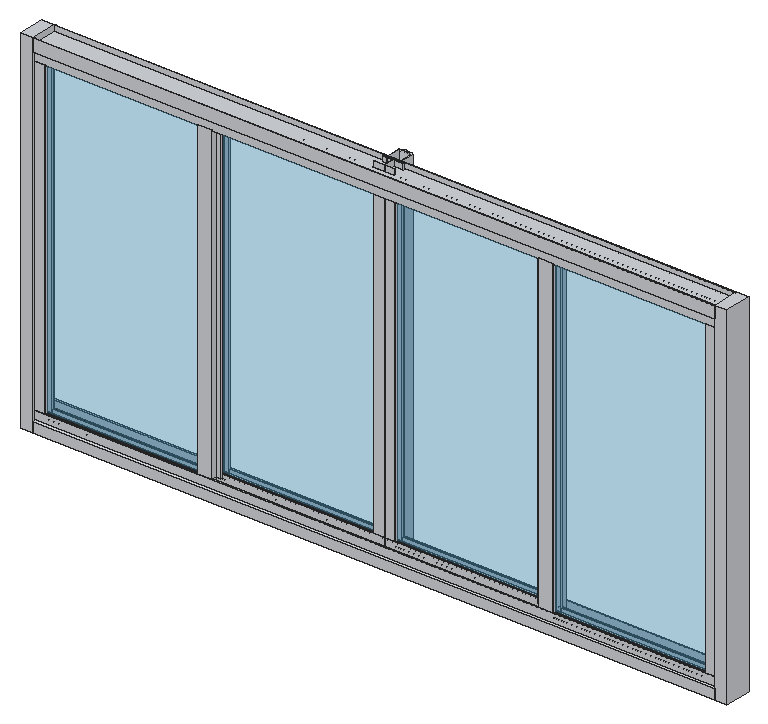
Revit family "MT-VMS_DB-SG_OXXO", category Windows, host Wall, Revit 2017 (continued)
Definition of nested family "VMS_DB-SG_OXXO_101mm"
  Forms (mm)
    Sweep 6, solid, material <- "Sash Material"
      profile "VMS_VM9_INTERLOCK : VMS_VM9_INTERLOCK" origin (-477.5, -66.6, 499.5) x (-1, 0, 0) y (0, 1, 0)
        loop
          line (19.712, -13.356) -> (-18.2, -13.356) -> (-18.2, 13.544) -> (19.712, 13.544) -> (19.712, 15.044) -> (-18.2, 15.044) -> (-18.2, 18.379) -> (-8.692, 19.257) -> (-8.692, 20.102) -> (-20, 20.102) -> (-20, -0.056) -> (-35, -0.056) -> (-35, -1.556) -> (-20, -1.556) -> (-20, -16.856) -> (19.712, -16.856) -> (19.712, -13.356)
    Sweep 7, solid, material <- "Sash Material"
      path origin (-870.249, -66.6, 1200) x (-1, 0, 0) y (0, 0, 1)
        loop
          line (-1347.749, -268) -> (-1347.749, -1133)
      profile "VMS_VM9_INTERLOCK : VMS_VM9_INTERLOCK" origin (477.5, -66.6, 499.5) x (-1, 0, 0) y (0, 1, 0)
        loop
          line (-19.712, -13.356) -> (-19.712, -16.856) -> (20, -16.856) -> (20, -1.556) -> (35, -1.556) -> (35, -0.056) -> (20, -0.056) -> (20, 20.102) -> (8.692, 20.102) -> (8.692, 19.257) -> (18.2, 18.379) -> (18.2, 15.044) -> (-19.712, 15.044) -> (-19.712, 13.544) -> (18.2, 13.544) -> (18.2, -13.356) -> (-19.712, -13.356)
    Sweep 8, solid, material <- "Sash Material"
      path origin (-884.391, -35, 1200) x (-1, 0, 0) y (0, 0, 1)
        loop
          line (-884.391, -200) -> (-884.391, -1200)
      profile "VMS_VM88_MIDDLE : VMS_VM88_MIDDLE" origin (0, -35, 500) x (-1, 0, 0) y (0, 1, 0)
        loop
          line (-19.856, 61.45) -> (-19.856, 16.45) -> (-28.913, 16.45) -> (-28.913, 14.95) -> (-1.001, 14.95) -> (-1.001, -14.95) -> (-28.913, -14.95) -> (-28.913, -16.478) -> (28.913, -16.478) -> (28.913, -14.95) -> (0.999, -14.95) -> (0.999, 14.95) -> (28.913, 14.95) -> (28.913, 16.45) -> (19.856, 16.45) -> (19.856, 61.45)
          arc (19.856, 61.45) -> (0, 66.75) -> (-19.856, 61.45) r 39.844
        loop
          line (-18.056, 56.707) -> (-18.056, 16.45) -> (18.056, 16.45) -> (18.056, 56.707)
          arc (18.056, 56.707) -> (0, 61.75) -> (-18.056, 56.707) r 34.844
  Lines and regions (mm)
    Masking region 1, detail levels coarse
      outline origin (0, 0, 0) x (1, 0, 0) y (0, 1, 0)
        loop
          line (-1000, 0) -> (-1000, -101.6) -> (-955, -101.6) -> (-955, 0) -> (-1000, 0)
        loop
          line (955, 0) -> (955, -101.6) -> (1000, -101.6) -> (1000, 0) -> (955, 0)
    Masking region 2, detail levels coarse
      outline origin (0, 0, 0) x (0, 1, 0) y (0, 0, 1)
        loop
          line (-101.6, 950) -> (0, 950) -> (0, 1000) -> (-101.6, 1000) -> (-101.6, 950)
        loop
          line (-101.6, 56) -> (-101.6, 0) -> (0, 0) -> (0, 56) -> (-101.6, 56)
    symbolic lines
      curve 1: line (-955, 0, 0) -> (955, 0, 0)
      curve 2: line (-955, -101.6, 0) -> (955, -101.6, 0)
  Dimensions and locks
    equal spacing: plane 5, plane 3 "Center (Left/Right)", plane 6
    "FRAME THICKNESS": plane 4 to plane 1 "Center (Front/Back)"
    "FRAME WIDTH": plane 5 to plane 7
    "FRAME WIDTH": plane 8 to plane 6
    "WIDTH": plane 5 to plane 6
    "HEIGHT": plane 9 to plane 2
    locked: plane 9 to plane 11 at 50
    locked: plane 10 to plane 2 at 56
    locked: plane 13 to plane 1 "Center (Front/Back)" at 35
    locked: plane 12 to plane 4 at 35
    "HAFT PANEL WIDTH": plane 7 to plane 14
    "HAFT PANEL WIDTH": plane 15 to plane 8
    "HAFT PANEL WIDTH": plane 16 to plane 3 "Center (Left/Right)"
    "HAFT PANEL WIDTH": plane 3 "Center (Left/Right)" to plane 17
    equal spacing: plane 14, plane 18, plane 16
    equal spacing: plane 17, plane 19, plane 15
    aligned and locked: level to plane 2
    aligned and locked: plane 1 "Center (Front/Back)" to Extrusion 1 sketch curve  (x2)
    aligned and locked: plane 5 to Extrusion 1 sketch curve
    aligned and locked: plane 4 to Extrusion 1 sketch curve  (x2)
    aligned and locked: Extrusion 1 sketch curve to plane 7
    aligned and locked: plane 8 to Extrusion 1 sketch curve
    aligned and locked: Extrusion 1 sketch curve to plane 6
    aligned and locked: plane 9 to Extrusion 1
    aligned and locked: Extrusion 1 to level
    aligned and locked: plane 9 to Sweep 2 sketch curve
    aligned and locked: plane 8 to Sweep 2 sketch curve
    aligned and locked: plane 7 to Sweep 2 sketch curve
    aligned and locked: plane 2 to Sweep 3 sketch curve
    aligned and locked: plane 8 to Sweep 3 sketch curve
    aligned and locked: plane 7 to Sweep 3 sketch curve
    aligned and locked: Sweep 4 sketch curve to plane 7
    aligned and locked: Sweep 4 sketch curve to Sweep 2
    aligned and locked: Sweep 3 to Sweep 4 sketch curve
    aligned and locked: Sweep 5 sketch curve to plane 8
    aligned and locked: Sweep 2 to Sweep 5 sketch curve
    aligned and locked: Sweep 5 sketch curve to Sweep 3
    aligned and locked: plane 15 to nested 1
    aligned and locked: nested 1 to plane 10
    aligned and locked: plane 14 to nested 2
    aligned and locked: plane 12 to nested 2
    aligned and locked: nested 2 to plane 10
    aligned and locked: nested 3 to plane 7
    aligned and locked: Sweep 4 to nested 3
    aligned and locked: Sweep 2 to Sweep 6 sketch curve
    aligned and locked: Sweep 3 to Sweep 6 sketch curve
    aligned and locked: plane 7 to curve 1
    aligned and locked: plane 8 to curve 1
    aligned and locked: plane 8 to curve 2
    aligned and locked: plane 7 to curve 2
    aligned and locked: plane 1 "Center (Front/Back)" to curve 1
    aligned and locked: curve 2 to plane 4
    aligned and locked: Masking region 1 sketch curve to Extrusion 1  (x4)
    aligned and locked: Masking region 1 sketch curve to Sweep 3  (x2)
    aligned and locked: Sweep 3 to Masking region 1 sketch curve
    aligned and locked: plane 1 "Center (Front/Back)" to nested 4
    aligned and locked: nested 4 to plane 7
    aligned and locked: plane 8 to nested 5
    aligned and locked: plane 1 "Center (Front/Back)" to nested 5
    aligned and locked: plane 7 to nested 6
    aligned and locked: plane 1 "Center (Front/Back)" to nested 6
    aligned and locked: nested 7 to plane 8
    aligned and locked: Masking region 2 sketch curve to plane 11
    aligned and locked: Masking region 2 sketch curve to plane 4
    aligned and locked: Masking region 2 sketch curve to Extrusion 1
    aligned and locked: Extrusion 1 to Masking region 2 sketch curve  (x2)
    aligned and locked: Masking region 2 sketch curve to nested 1
    aligned and locked: Masking region 2 sketch curve to Sweep 3  (x2)
    aligned and locked: nested 8 to plane 9
    aligned and locked: plane 4 to nested 8
    aligned and locked: nested 9 to level
    aligned and locked: plane 4 to Masking region 1 sketch curve
    aligned and locked: plane 7 to Extrusion 1
    aligned and locked: plane 8 to nested 7
    aligned and locked: plane 1 "Center (Front/Back)" to nested 7
    aligned and locked: plane 9 to nested 10
    aligned and locked: plane 4 to nested 10
    aligned and locked: nested 11 to plane 1 "Center (Front/Back)"
    aligned and locked: level to nested 11
    aligned and locked: plane 1 "Center (Front/Back)" to nested 9
    aligned and locked: plane 16 to nested 12
    aligned and locked: nested 12 to plane 13
    aligned and locked: plane 17 to nested 13
    aligned and locked: plane 13 to nested 13
    aligned and locked: nested 1 to plane 12
    aligned and locked: Sweep 6 sketch curve to plane 18
    aligned and locked: plane 19 to Sweep 7 sketch curve
    aligned and locked: Sweep 2 to Sweep 7 sketch curve
    aligned and locked: Sweep 3 to Sweep 7 sketch curve
    aligned and locked: plane 3 "Center (Left/Right)" to Sweep 8 sketch curve
    aligned and locked: Sweep 2 to Sweep 8 sketch curve
    aligned and locked: plane 10 to nested 12
    aligned and locked: nested 13 to plane 10
  Automatic sketch dimensions
    Sweep 8 sketch curve to level = 0 mm
  Nested families
    nested 1: "VMS_DB-SG_GLAZED PANEL" at (711.7, -66.6, 56), Sash Material <- "FRAME MATERIAL", type "VMS_DB-SG_GLAZED PANEL"
      with OPEN no
    nested 2: "VMS_DB-SG_GLAZED PANEL" at (-711.7, -66.6, 56) x (-1, 0, 0) z (0, 0, 1), Sash Material <- "FRAME MATERIAL", type "VMS_DB-SG_GLAZED PANEL"
      with OPEN no
    nested 3: "VMS_VM11_SILL DETAIL_FINE" at (-955, -50, 0) x (0, -1, 0) z (0, 0, 1), type "VMS_VM11_SILL DETAIL_FINE", detail levels fine
    nested 4: "MAIN FRAME 101.6MM_MEDIUM" at (-1000, 0, 0), type "MAIN FRAME 101.6MM_MEDIUM", detail levels medium
    nested 5: "MAIN FRAME 101.6MM_MEDIUM" at (1000, -101.6, 0) x (-1, 0, 0) z (0, 0, 1), type "MAIN FRAME 101.6MM_MEDIUM", detail levels medium
    nested 6: "AS1C CAVITY MAIN FRAME" at (-955, 0, 0), type "AS1C CAVITY MAIN FRAME", detail levels fine
    nested 7: "AS1C CAVITY MAIN FRAME" at (955, -101.6, 0) x (-1, 0, 0) z (0, 0, 1), type "AS1C CAVITY MAIN FRAME", detail levels fine
    nested 8: "VMS_VM8_HEAD DETAIL_FINE" at (0, -101.6, 1000) x (0, 1, 0) z (1, 0, 0), type "VMS_VM8_HEAD DETAIL_FINE", detail levels fine
    nested 9: "VMS_VM10_BOT DETAIL_FINE" at (0, -101.3, 0) x (0, 1, 0) z (1, 0, 0), type "VMS_VM10_BOT DETAIL_FINE", detail levels fine
    nested 10: "VMS_VM8_HEAD DETAIL_MEDIUM" at (0, 0, 1000) x (0, -1, 0) z (1, 0, 0), type "VMS_VM8_HEAD DETAIL_MEDIUM", detail levels medium
    nested 11: "VMS_VM10_BOT DETAIL_MEDIUM" at (0, 0, 0) x (0, -1, 0) z (1, 0, 0), type "VMS_VM10_BOT DETAIL_MEDIUM", detail levels medium
    nested 12: "VMS_DB-SG_GLAZED PANEL" at (-243.3, -35, 56), Sash Material <- "FRAME MATERIAL", type "VMS_DB-SG_GLAZED PANEL"
      with OPEN yes
    nested 13: "VMS_DB-SG_GLAZED PANEL" at (243.3, -35, 56) x (-1, 0, 0) z (0, 0, 1), Sash Material <- "FRAME MATERIAL", type "VMS_DB-SG_GLAZED PANEL"
      with OPEN yes
  Definition of nested family "VMS_DB-SG_GLAZED PANEL"
    Parameters (values of type "VMS_DB-SG_GLAZED PANEL")
      YEAR = "2018"  # constant formula
      VERSION = "2.0"  # constant formula
      TODAYS DATE = "22/11/2018"  # constant formula
      Sash Material [instance] = none
      SINGLE GLAZED THICKNESS = 5 mm
      SINGLE GLAZED = not(DOUBLE GLAZED)  # no
      PANEL WIDTH = 483 mm
      PANEL HEIGHT = 894 mm
      OPEN [instance] = yes
      GLAZED WIDTH [instance] = 447 mm
      GLAZED RAIL MATERIAL = none
      GLAZED MATERIAL = none
      DOUBLE GLAZED THICKNESS = 15 mm
      DOUBLE GLAZED = yes
      CREATOR = "Scott Isouard"  # constant formula
      COMPANY = "Archvis"  # constant formula
      Analytic Construction = "<None>"
      ANZRC COMPLIANT = "Yes"  # constant formula
      AIR POCKET = DOUBLE GLAZED THICKNESS - 10 mm  # 5 mm
    Reference planes
      plane 1 "Center (Front/Back)": y = 0
      plane 2: z = 0
      plane 3 "Center (Left/Right)": x = 0
      plane 4: x = -241.5
      plane 5: x = 241.5
      plane 6: x = -223.5
      plane 7: x = 223.5
      plane 8: z = 894
      plane 9: z = 874
      plane 10: z = 20
      plane 11: z = 447
      plane 12: x = -213.586
      plane 13: x = 213.5
      plane 14: z = 10
      plane 15: z = 884
    Forms (mm)
      Extrusion 1, solid, material <- "GLAZED MATERIAL", visible <- "SINGLE GLAZED"
        sketch origin (0, 0, 0) x (1, 0, 0) y (0, 1, 0)
          loop
            line (-223.5, 2.5) -> (-223.5, -2.5) -> (223.5, -2.5) -> (223.5, 2.5) -> (-223.5, 2.5)
        from 10 to 884
      Extrusion 2, solid, material <- "GLAZED MATERIAL", visible <- "DOUBLE GLAZED"
        sketch origin (0, 0, 0) x (1, 0, 0) y (0, 1, 0)
          loop
            line (-223.5, 7.5) -> (-223.5, 2.5) -> (223.5, 2.5) -> (223.5, 7.5) -> (-223.5, 7.5)
          loop
            line (-223.5, -2.5) -> (-223.5, -7.5) -> (223.5, -7.5) -> (223.5, -2.5) -> (-223.5, -2.5)
        from 10 to 884
      Sweep 3, solid, material <- "Sash Material"
        path origin (0, 0, 0) x (1, 0, 0) y (0, 0, 1)
          loop
            line (-241.5, 894) -> (-241.5, 0)
        profile "VM__PROFILE_SACH SILL : VM__PROFILE_SACH SILL" origin (-241.5, 0, 447) x (1, 0, 0) y (0, -1, 0)
          loop
            line (0, 13.45) -> (0, -13.45) -> (28, -13.45) -> (28, -9.95) -> (10, -9.95) -> (10, 9.95) -> (28, 9.95) -> (28, 13.45) -> (0, 13.45)
      Sweep 4, solid, material <- "Sash Material"
        path origin (0, 0, 0) x (1, 0, 0) y (0, 0, 1)
          loop
            line (241.5, 894) -> (241.5, 0)
        profile "VM__PROFILE_SACH SILL : VM__PROFILE_SACH SILL" origin (241.5, 0, 447) x (1, 0, 0) y (0, -1, 0)
          loop
            line (0, 13.45) -> (-28, 13.45) -> (-28, 9.95) -> (-10, 9.95) -> (-10, -9.95) -> (-28, -9.95) -> (-28, -13.45) -> (0, -13.45) -> (0, 13.45)
      Sweep 5, solid, material <- "Sash Material"
        path origin (0, 0, 0) x (1, 0, 0) y (0, 0, 1)
          loop
            line (-213.586, 894) -> (213.5, 894)
        profile "VM__PROFILE_GLAZED RAIL : VM__PROFILE_GLAZED RAIL" origin (-0.043, 0, 894) x (0, 0, 1) y (0, -1, 0)
          loop
            line (-5.417, -13.45) -> (0, -8.033) -> (0, 8.033) -> (-5.417, 13.45) -> (-19.826, 13.45) -> (-19.826, 9.95) -> (-10, 9.95) -> (-10, -9.95) -> (-19.826, -9.95) -> (-19.826, -13.45) -> (-5.417, -13.45)
      Sweep 6, solid, material <- "Sash Material"
        path origin (0, 0, 0) x (1, 0, 0) y (0, 0, 1)
          loop
            line (213.5, 0) -> (-213.586, 0)
        profile "VM__PROFILE_GLAZED RAIL : VM__PROFILE_GLAZED RAIL" origin (-0.043, 0, 0) x (0, 0, -1) y (0, -1, 0)
          loop
            line (-5.417, -13.45) -> (0, -8.033) -> (0, 8.033) -> (-5.417, 13.45) -> (-19.826, 13.45) -> (-19.826, 9.95) -> (-10, 9.95) -> (-10, -9.95) -> (-19.826, -9.95) -> (-19.826, -13.45) -> (-5.417, -13.45)
    Lines and regions (mm)
      Masking region 1, detail levels coarse
        outline origin (0, 0, 0) x (1, 0, 0) y (0, 1, 0)
          loop
            line (-213.586, 13.45) -> (-241.5, 13.45) -> (-241.5, -13.45) -> (-213.586, -13.45) -> (-213.586, 13.45)
          loop
            line (213.5, 13.45) -> (213.5, -13.45) -> (241.5, -13.45) -> (241.5, 13.45) -> (213.5, 13.45)
      Masking region 2, detail levels coarse
        outline origin (0, 0, 0) x (0, 1, 0) y (0, 0, 1)
          loop
            line (13.45, 894) -> (-13.45, 894) -> (-13.45, 874.174) -> (13.45, 874.174) -> (13.45, 894)
          loop
            line (13.45, 20) -> (-13.45, 20) -> (-13.45, 0) -> (13.45, 0) -> (13.45, 20)
      model lines, visible <- "OPEN", not visible
        curve 1: line (116.296, -13.45, 713.931) -> (-19.098, -13.45, 715.656)
        curve 2: line (-134.348, -13.45, 741.334) -> (8.162, -13.45, 666.42)
        curve 3: line (8.162, -13.45, 666.42) -> (-19.098, -13.45, 715.656)
        curve 4: line (116.912, -13.45, 762.344) -> (-18.481, -13.45, 764.068)
        curve 5: line (-134.348, -13.45, 741.334) -> (10.023, -13.45, 812.593)
        curve 6: line (10.023, -13.45, 812.593) -> (-18.481, -13.45, 764.068)
        curve 7: line (116.296, -13.45, 713.931) -> (116.912, -13.45, 762.344)
        curve 8: line (116.604, -13.45, 738.138) -> (-134.348, -13.45, 741.334)
        curve 9: line (-2.207, 13.452, 837.659) -> (-4.793, 13.452, 634.675)
      model lines, visible <- "OPEN"
        curve 10: line (120.069, -13.45, 471.208) -> (-15.335, -13.45, 471.208)
        curve 11: line (-130.903, -13.45, 447) -> (12.549, -13.45, 520.092)
        curve 12: line (12.549, -13.45, 520.092) -> (-15.335, -13.45, 471.208)
        curve 13: line (120.069, -13.45, 422.792) -> (-15.335, -13.45, 422.792)
        curve 14: line (-130.903, -13.45, 447) -> (12.549, -13.45, 373.908)
        curve 15: line (12.549, -13.45, 373.908) -> (-15.335, -13.45, 422.792)
        curve 16: line (120.069, -13.45, 471.208) -> (120.069, -13.45, 422.792)
        curve 17: line (120.069, -13.45, 447) -> (-130.903, -13.45, 447)
        curve 18: line (0, 13.452, 349) -> (0, 13.452, 552)
      symbolic lines
        curve 19: line (-227.586, 13.45, 0) -> (227.588, 13.45, 0)
        curve 20: line (-227.586, -13.45, 0) -> (223.5, -13.45, 0)
        curve 21: line (0, 13.45, 884) -> (0, 13.45, 10)
        curve 22: line (0, -13.45, 884) -> (0, -13.45, 10)
      symbolic lines, visible <- "OPEN"
        curve 23: line (150, 92.993, 0) -> (-150, 92.993, 0)
        curve 24: line (-150, 92.993, 0) -> (-70.45, 172.543, 0)
    Dimensions and locks
      equal spacing: plane 4, plane 3 "Center (Left/Right)", plane 5
      "PANEL WIDTH": plane 4 to plane 5
      "PANEL HEIGHT": plane 8 to plane 2
      equal spacing: Extrusion 1 sketch curve, plane 1 "Center (Front/Back)", Extrusion 1 sketch curve
      "SINGLE GLAZED THICKNESS": Extrusion 1 sketch curve to Extrusion 1 sketch curve
      equal spacing: plane 8, plane 11, plane 2
      equal spacing: Extrusion 2 sketch curve, plane 1 "Center (Front/Back)", Extrusion 2 sketch curve  (x2)
      "AIR POCKET": Extrusion 2 sketch curve to Extrusion 2 sketch curve
      "DOUBLE GLAZED THICKNESS": Extrusion 2 sketch curve to Extrusion 2 sketch curve
      locked: plane 4 to plane 12 at 27.914
      locked: plane 13 to plane 5 at 28
      locked: plane 8 to plane 9 at 20
      locked: plane 4 to plane 6 at 18
      locked: plane 7 to plane 5 at 18
      "GLAZED WIDTH": plane 6 to plane 7
      locked: plane 10 to plane 2 at 20
      locked: plane 14 to plane 2 at 10
      locked: plane 8 to plane 15 at 10
      curve 23 to Sweep 5 = 79.543 mm
      equal spacing: curve 24, plane 3 "Center (Left/Right)", curve 23
      aligned and locked: level to plane 2
      aligned and locked: plane 6 to Extrusion 2 sketch curve  (x2)
      aligned and locked: Extrusion 2 sketch curve to plane 7  (x2)
      aligned and locked: plane 4 to Sweep 3 sketch curve
      aligned and locked: plane 2 to Sweep 3 sketch curve
      aligned and locked: plane 8 to Sweep 3 sketch curve
      aligned and locked: Sweep 4 sketch curve to plane 5
      aligned and locked: plane 8 to Sweep 4 sketch curve
      aligned and locked: plane 2 to Sweep 4 sketch curve
      aligned and locked: Extrusion 1 sketch curve to plane 7
      aligned and locked: plane 6 to Extrusion 1 sketch curve
      aligned and locked: plane 11 to curve 17
      aligned and locked: plane 3 "Center (Left/Right)" to curve 18
      aligned and locked: Sweep 5 sketch curve to plane 8
      aligned and locked: plane 12 to Sweep 5 sketch curve
      aligned and locked: plane 13 to Sweep 5 sketch curve
      aligned and locked: plane 2 to Sweep 6 sketch curve
      aligned and locked: plane 13 to Sweep 6 sketch curve
      aligned and locked: plane 12 to Sweep 6 sketch curve
      aligned and locked: Sweep 5 to Masking region 1 sketch curve  (x2)
      aligned and locked: Masking region 1 sketch curve to Sweep 5  (x3)
      aligned and locked: Masking region 1 sketch curve to plane 4
      aligned and locked: Masking region 1 sketch curve to plane 5
      aligned and locked: Masking region 1 to Sweep 5
      aligned and locked: curve 20 to Sweep 5
      aligned and locked: Masking region 2 sketch curve to Sweep 4  (x2)
      aligned and locked: Sweep 4 to Masking region 2 sketch curve  (x2)
      aligned and locked: Masking region 2 sketch curve to Sweep 5  (x2)
      aligned and locked: Masking region 2 sketch curve to Sweep 6
      aligned and locked: Masking region 2 sketch curve to plane 10
      aligned and locked: nested 1 to plane 1 "Center (Front/Back)"
      aligned and locked: plane 2 to nested 1
      aligned and locked: nested 2 to plane 8
      aligned and locked: plane 1 "Center (Front/Back)" to nested 2
      aligned and locked: nested 3 to plane 8
      aligned and locked: plane 1 "Center (Front/Back)" to nested 3
      aligned and locked: plane 2 to nested 4
      aligned and locked: nested 4 to plane 1 "Center (Front/Back)"
      aligned and locked: Extrusion 2 to Sweep 6
      aligned and locked: Extrusion 2 to Extrusion 1  (x2)
      aligned and locked: nested 5 to plane 8
      aligned and locked: plane 1 "Center (Front/Back)" to nested 5
      aligned and locked: plane 2 to nested 6
      aligned and locked: nested 6 to plane 1 "Center (Front/Back)"
      aligned and locked: plane 2 to nested 7
      aligned and locked: nested 7 to plane 1 "Center (Front/Back)"
      aligned and locked: nested 8 to plane 8
      aligned and locked: plane 1 "Center (Front/Back)" to nested 8
      aligned and locked: Sweep 3 to curve 21
      aligned and locked: curve 22 to Sweep 3
      aligned and locked: curve 19 to Sweep 5
      aligned and locked: plane 7 to curve 20
      aligned and locked: plane 15 to curve 22
      aligned and locked: plane 15 to curve 21
      aligned and locked: plane 14 to curve 21
      aligned and locked: plane 14 to curve 22
      aligned and locked: plane 15 to Extrusion 2
      aligned and locked: plane 4 to nested 9
      aligned and locked: nested 9 to Sweep 3
      aligned and locked: plane 4 to nested 10
      aligned and locked: nested 10 to nested 9
      aligned and locked: plane 4 to nested 11
      aligned and locked: Masking region 1 to plane 13
      aligned and locked: plane 4 to nested 12
      aligned and locked: nested 12 to Sweep 5
      aligned and locked: plane 5 to nested 13
      aligned and locked: nested 13 to Sweep 4
      aligned and locked: plane 5 to nested 14
      aligned and locked: nested 14 to nested 13
      aligned and locked: plane 5 to nested 15
      aligned and locked: nested 14 to nested 15
      aligned and locked: plane 5 to nested 16
      aligned and locked: nested 16 to nested 15  (x2)
      aligned and locked: curve 19 to nested 16
      aligned and locked: nested 12 to curve 19
      aligned and locked: curve 20 to nested 12
    Automatic sketch dimensions
      curve 9 to curve 2 = 34.287 mm
      curve 2 to curve 7 = 118.111 mm
      curve 1 to curve 8 = 24.208 mm
      curve 3 to curve 4 = 48.416 mm
      curve 4 to curve 5 = 56.278 mm
      curve 5 to curve 9 = 27.89 mm
      curve 3 to curve 1 = 118.111 mm
      curve 6 to curve 4 = 118.111 mm
      curve 9 to curve 5 = 27.89 mm
      curve 3 to curve 2 = 56.278 mm
      curve 6 to curve 3 = 48.416 mm
      curve 8 to curve 4 = 118.076 mm
      curve 18 to curve 11 = 34.287 mm
      curve 11 to curve 16 = 118.111 mm
      curve 10 to curve 17 = 24.208 mm
      curve 12 to curve 13 = 48.416 mm
      curve 13 to curve 14 = 56.278 mm
      curve 14 to curve 18 = 27.89 mm
      curve 12 to curve 10 = 118.111 mm
      curve 15 to curve 13 = 118.111 mm
      curve 18 to curve 14 = 27.89 mm
      curve 12 to curve 11 = 56.278 mm
      curve 15 to curve 12 = 48.416 mm
      curve 17 to curve 13 = 118.076 mm
      curve 18 to curve 18 = 2.585 mm
      curve 18 to curve 18 = 202.984 mm
      curve 11 to curve 16 = 47.511 mm
      curve 11 to curve 12 = 49.235 mm
      curve 10 to curve 11 = 25.678 mm
      curve 10 to curve 16 = 48.412 mm
      curve 10 to curve 13 = 48.412 mm
      curve 13 to curve 15 = 48.525 mm
      curve 11 to curve 12 = 115.25 mm
      curve 10 to curve 15 = 0.617 mm
      curve 10 to curve 12 = 27.26 mm
      curve 13 to curve 14 = 28.505 mm
      curve 9 to curve 9 = 2.585 mm
      curve 9 to curve 9 = 202.984 mm
      curve 2 to curve 7 = 47.511 mm
      curve 2 to curve 3 = 49.235 mm
      curve 1 to curve 2 = 25.678 mm
      curve 1 to curve 7 = 48.412 mm
      curve 1 to curve 4 = 48.412 mm
      curve 4 to curve 6 = 48.525 mm
      curve 3 to curve 2 = 115.25 mm
      curve 6 to curve 1 = 0.617 mm
      curve 3 to curve 1 = 27.26 mm
      curve 5 to curve 4 = 28.505 mm
      Masking region 1 sketch curve to plane 13 = 0 mm
      curve 24 to curve 24 = 79.55 mm
      curve 19 to plane 6 = 4.086 mm
      curve 20 to plane 6 = 4.086 mm
      plane 7 to curve 19 = 4.088 mm
      curve 23 to curve 24 = 79.55 mm
      plane 12 to curve 24 = 63.586 mm
    Nested families
      nested 1: "VM62_DOUBLE GLAZE RAIL_Mid detail" at (0, 0, 0) x (0, 0, 1) z (1, 0, 0), visible <- "DOUBLE GLAZED", type "VM62_DOUBLE GLAZE RAIL_Mid detail", detail levels medium
      nested 2: "VM62_DOUBLE GLAZE RAIL_Mid detail" at (0, 0, 894) x (0, 0, -1) z (1, 0, 0), visible <- "DOUBLE GLAZED", type "VM62_DOUBLE GLAZE RAIL_Mid detail", detail levels medium
      nested 3: "VM62_SGL GLAZE RAIL_Mid detail" at (0, 0, 894) x (0, 0, -1) z (1, 0, 0), visible <- "SINGLE GLAZED", type "VM62_SGL GLAZE RAIL_Mid detail", detail levels medium
      nested 4: "VM62_SGL GLAZE RAIL_Mid detail" at (0, 0, 0) x (0, 0, 1) z (1, 0, 0), visible <- "SINGLE GLAZED", type "VM62_SGL GLAZE RAIL_Mid detail", detail levels medium
      nested 5: "vm1_single glaze rail" at (0, 0, 894) x (0, 0, -1) z (1, 0, 0), visible <- "SINGLE GLAZED", type "vm1_single glaze rail", detail levels fine
      nested 6: "vm1_single glaze rail" at (0, 0, 0) x (0, 0, 1) z (1, 0, 0), visible <- "SINGLE GLAZED", type "vm1_single glaze rail", detail levels fine
      nested 7: "VM62_DOUBLE GLAZE RAIL" at (0, 0, 0) x (0, 0, 1) z (1, 0, 0), visible <- "DOUBLE GLAZED", type "VM62_DOUBLE GLAZE RAIL", detail levels fine
      nested 8: "VM62_DOUBLE GLAZE RAIL" at (0, 0, 894) x (0, 0, -1) z (1, 0, 0), visible <- "DOUBLE GLAZED", type "VM62_DOUBLE GLAZE RAIL", detail levels fine
      nested 9: "VMS_V3_SGL_FINE" at (-241.5, 13.45, 0), visible <- "SINGLE GLAZED", type "VMS_V3_SGL_FINE", detail levels fine
      nested 10: "VMS_V3_SGL_MEDIUM" at (-241.5, 13.45, 0), visible <- "SINGLE GLAZED", type "VMS_V3_SGL_MEDIUM", detail levels medium
      nested 11: "VMS_VM64_SILL DETAIL_FINE" at (-241.5, 13.45, 0), visible <- "DOUBLE GLAZED", type "VMS_VM64_SILL DETAIL_FINE", detail levels fine
      nested 12: "VMS_VM64_SILL DETAIL_MEDIUM" at (-241.5, 13.45, 0), visible <- "DOUBLE GLAZED", type "VMS_VM64_SILL DETAIL_MEDIUM", detail levels medium
      nested 13: "VMS_VM5_SILL DETAIL_FINE" at (241.5, -13.45, 0) x (0, 1, 0) z (0, 0, 1), visible <- "SINGLE GLAZED", type "VMS_VM5_SILL DETAIL_FINE", detail levels fine
      nested 14: "VMS_VM5_SILL DETAIL_MEDIUM" at (241.5, -13.45, 0) x (0, 1, 0) z (0, 0, 1), visible <- "SINGLE GLAZED", type "VMS_VM5_SILL DETAIL_MEDIUM", detail levels medium
      nested 15: "VMS_VM66_SILL DETAIL_FINE" at (241.5, -13.45, 0) x (0, 1, 0) z (0, 0, 1), visible <- "DOUBLE GLAZED", type "VMS_VM66_SILL DETAIL_FINE", detail levels fine
      nested 16: "VMS_VM66_SILL DETAIL_MEDIUM" at (241.554, -13.45, 0) x (0, 1, 0) z (0, 0, 1), visible <- "DOUBLE GLAZED", type "VMS_VM66_SILL DETAIL_MEDIUM", detail levels medium
    Definition of nested family "VM62_DOUBLE GLAZE RAIL_Mid detail"
      Reference planes
        plane 1 "Center (Front/Back)": y = 0
        plane 2: z = 0
        plane 3 "Center (Left/Right)": x = 0
        plane 4: x = 10
      Lines and regions (mm)
        detail lines, in view "Ref. Level"
          curve 1: line (19.826, 13.45, 0) -> (19.826, 10.52, 0)
          curve 2: line (19.826, 10.52, 0) -> (10, 10.52, 0)
          curve 3: line (10, -10.52, 0) -> (19.826, -10.52, 0)
          curve 4: line (19.826, -10.52, 0) -> (19.826, -13.45, 0)
          curve 5: line (19.826, -13.45, 0) -> (5.417, -13.45, 0)
          curve 6: line (5.417, -13.45, 0) -> (0, -8.033, 0)
          curve 7: line (0, -8.033, 0) -> (0, 8.033, 0)
          curve 8: line (0, 8.033, 0) -> (5.417, 13.45, 0)
          curve 9: line (5.417, 13.45, 0) -> (19.826, 13.45, 0)
          curve 10: line (10, -10.52, 0) -> (10, 10.52, 0)
      Dimensions and locks
        plane 3 "Center (Left/Right)" to plane 4 = 10 mm
    Definition of nested family "VM62_SGL GLAZE RAIL_Mid detail"
      Reference planes
        plane 1 "Center (Front/Back)": y = 0
        plane 2: z = 0
        plane 3 "Center (Left/Right)": x = 0
        plane 4: x = 10
      Lines and regions (mm)
        detail lines, in view "Ref. Level"
          curve 1: line (19.826, 13.45, 0) -> (19.826, 6.45, 0)
          curve 2: line (19.826, 6.45, 0) -> (10, 6.45, 0)
          curve 3: line (10, -6.45, 0) -> (19.826, -6.45, 0)
          curve 4: line (19.826, -6.45, 0) -> (19.826, -13.45, 0)
          curve 5: line (19.826, -13.45, 0) -> (5.417, -13.45, 0)
          curve 6: line (5.417, -13.45, 0) -> (0, -8.033, 0)
          curve 7: line (0, -8.033, 0) -> (0, 8.033, 0)
          curve 8: line (0, 8.033, 0) -> (5.417, 13.45, 0)
          curve 9: line (5.417, 13.45, 0) -> (19.826, 13.45, 0)
          curve 10: line (10, -6.45, 0) -> (10, 6.45, 0)
      Dimensions and locks
        plane 3 "Center (Left/Right)" to plane 4 = 10 mm
    Definition of nested family "vm1_single glaze rail"
      Reference planes
        plane 1 "Center (Front/Back)": y = 0
        plane 2: z = 0
        plane 3 "Center (Left/Right)": x = 0
      Lines and regions (mm)
        detail lines, in view "Ref. Level"
          curve 1: arc (5.316, -8.679, 0) -> (5.078, -8.372, 0) -> (4.771, -8.134, 0) r 1.525
          curve 2: arc (3.99, -7.925, 0) -> (3.633, -7.97, 0) -> (3.297, -8.097, 0) r 1.525
          curve 3: arc (2.647, -8.747, 0) -> (2.525, -9.062, 0) -> (2.476, -9.396, 0) r 1.525
          curve 4: arc (2.476, -9.396, 0) -> (2.18, -9.815, 0) -> (1.678, -9.711, 0) r 0.468
          curve 5: arc (0.088, -8.121, 0) -> (0.023, -8.024, 0) -> (0, -7.909, 0) r 0.3
          curve 6: arc (0, 7.909, 0) -> (0.023, 8.024, 0) -> (0.088, 8.121, 0) r 0.3
          curve 7: arc (1.678, 9.711, 0) -> (2.18, 9.815, 0) -> (2.476, 9.396, 0) r 0.468
          curve 8: arc (2.476, 9.396, 0) -> (2.525, 9.062, 0) -> (2.647, 8.747, 0) r 1.525
          curve 9: arc (3.297, 8.097, 0) -> (3.633, 7.97, 0) -> (3.99, 7.925, 0) r 1.525
          curve 10: arc (4.771, 8.134, 0) -> (5.078, 8.372, 0) -> (5.316, 8.679, 0) r 1.525
          curve 11: arc (5.525, 9.46, 0) -> (5.48, 9.817, 0) -> (5.353, 10.153, 0) r 1.525
          curve 12: arc (4.703, 10.803, 0) -> (4.388, 10.925, 0) -> (4.054, 10.974, 0) r 1.525
          curve 13: arc (4.054, 10.974, 0) -> (3.635, 11.27, 0) -> (3.739, 11.772, 0) r 0.468
          curve 14: arc (5.329, 13.362, 0) -> (5.426, 13.427, 0) -> (5.541, 13.45, 0) r 0.3
          curve 15: arc (13.831, 13.45, 0) -> (14.236, 13.045, 0) -> (13.831, 12.64, 0) r 0.405
          curve 16: arc (13.126, 11.82, 0) -> (13.214, 11.608, 0) -> (13.426, 11.52, 0) r 0.3
          curve 17: arc (13.936, 11.52, 0) -> (14.149, 11.432, 0) -> (14.236, 11.22, 0) r 0.3
          curve 18: arc (14.236, 10.62, 0) -> (14.149, 10.408, 0) -> (13.936, 10.32, 0) r 0.3
          curve 19: arc (13.426, 10.32, 0) -> (13.214, 10.232, 0) -> (13.126, 10.02, 0) r 0.3
          curve 20: arc (13.126, 8.576, 0) -> (13.214, 8.364, 0) -> (13.426, 8.276, 0) r 0.3
          curve 21: arc (18.226, 8.276, 0) -> (18.439, 8.364, 0) -> (18.526, 8.576, 0) r 0.3
          curve 22: arc (18.526, 10.02, 0) -> (18.439, 10.232, 0) -> (18.226, 10.32, 0) r 0.3
          curve 23: arc (17.716, 10.32, 0) -> (17.504, 10.408, 0) -> (17.416, 10.62, 0) r 0.3
          curve 24: arc (17.416, 11.22, 0) -> (17.504, 11.432, 0) -> (17.716, 11.52, 0) r 0.3
          curve 25: arc (18.226, 11.52, 0) -> (18.439, 11.608, 0) -> (18.526, 11.82, 0) r 0.3
          curve 26: arc (17.821, 12.64, 0) -> (17.416, 13.045, 0) -> (17.821, 13.45, 0) r 0.405
          curve 27: arc (19.026, 13.45, 0) -> (19.592, 13.216, 0) -> (19.826, 12.65, 0) r 0.8
          curve 28: arc (19.826, 6.961, 0) -> (19.751, 6.727, 0) -> (19.553, 6.581, 0) r 0.4
          curve 29: arc (18.59, 6.26, 0) -> (18.409, 6.288, 0) -> (18.326, 6.45, 0) r 0.2
          curve 30: arc (17.137, 6.284, 0) -> (16.932, 6.274, 0) -> (16.826, 6.45, 0) r 0.2
          curve 31: arc (15.637, 6.284, 0) -> (15.432, 6.274, 0) -> (15.326, 6.45, 0) r 0.2
          curve 32: arc (14.137, 6.284, 0) -> (13.932, 6.274, 0) -> (13.826, 6.45, 0) r 0.2
          curve 33: arc (13.426, 7.25, 0) -> (12.366, 7.689, 0) -> (11.926, 8.75, 0) r 1.5
          curve 34: arc (11.926, 11.75, 0) -> (11.839, 11.962, 0) -> (11.626, 12.05, 0) r 0.3
          curve 35: arc (6.463, 12.05, 0) -> (6.188, 11.87, 0) -> (6.244, 11.545, 0) r 0.3
          curve 36: arc (6.244, 11.545, 0) -> (7.057, 9.17, 0) -> (5.826, 6.982, 0) r 3.07
          curve 37: arc (5.826, 6.982, 0) -> (3.825, 6.385, 0) -> (1.905, 7.206, 0) r 3.07
          curve 38: arc (1.905, 7.206, 0) -> (1.58, 7.262, 0) -> (1.4, 6.987, 0) r 0.3
          curve 39: arc (1.4, -6.987, 0) -> (1.58, -7.262, 0) -> (1.905, -7.206, 0) r 0.3
          curve 40: arc (1.905, -7.206, 0) -> (3.825, -6.385, 0) -> (5.826, -6.982, 0) r 3.07
          curve 41: arc (5.826, -6.982, 0) -> (7.057, -9.17, 0) -> (6.244, -11.545, 0) r 3.07
          curve 42: arc (6.244, -11.545, 0) -> (6.188, -11.87, 0) -> (6.463, -12.05, 0) r 0.3
          curve 43: arc (11.626, -12.05, 0) -> (11.839, -11.962, 0) -> (11.926, -11.75, 0) r 0.3
          curve 44: arc (11.926, -8.75, 0) -> (12.366, -7.689, 0) -> (13.426, -7.25, 0) r 1.5
          curve 45: arc (13.826, -6.45, 0) -> (13.932, -6.274, 0) -> (14.137, -6.284, 0) r 0.2
          curve 46: arc (15.326, -6.45, 0) -> (15.432, -6.274, 0) -> (15.637, -6.284, 0) r 0.2
          curve 47: arc (16.826, -6.45, 0) -> (16.932, -6.274, 0) -> (17.137, -6.284, 0) r 0.2
          curve 48: arc (18.326, -6.45, 0) -> (18.409, -6.288, 0) -> (18.59, -6.26, 0) r 0.2
          curve 49: arc (19.553, -6.581, 0) -> (19.751, -6.727, 0) -> (19.826, -6.961, 0) r 0.4
          curve 50: arc (19.826, -12.65, 0) -> (19.592, -13.216, 0) -> (19.026, -13.45, 0) r 0.8
          curve 51: arc (17.821, -13.45, 0) -> (17.416, -13.045, 0) -> (17.821, -12.64, 0) r 0.405
          curve 52: arc (18.526, -11.82, 0) -> (18.439, -11.608, 0) -> (18.226, -11.52, 0) r 0.3
          curve 53: arc (17.716, -11.52, 0) -> (17.504, -11.432, 0) -> (17.416, -11.22, 0) r 0.3
          curve 54: arc (17.416, -10.62, 0) -> (17.504, -10.408, 0) -> (17.716, -10.32, 0) r 0.3
          curve 55: arc (18.226, -10.32, 0) -> (18.439, -10.232, 0) -> (18.526, -10.02, 0) r 0.3
          curve 56: arc (18.526, -8.576, 0) -> (18.439, -8.364, 0) -> (18.226, -8.276, 0) r 0.3
          curve 57: arc (13.426, -8.276, 0) -> (13.214, -8.364, 0) -> (13.126, -8.576, 0) r 0.3
          curve 58: arc (13.126, -10.02, 0) -> (13.214, -10.232, 0) -> (13.426, -10.32, 0) r 0.3
          curve 59: arc (13.936, -10.32, 0) -> (14.149, -10.408, 0) -> (14.236, -10.62, 0) r 0.3
          curve 60: arc (14.236, -11.22, 0) -> (14.149, -11.432, 0) -> (13.936, -11.52, 0) r 0.3
          curve 61: arc (13.426, -11.52, 0) -> (13.214, -11.608, 0) -> (13.126, -11.82, 0) r 0.3
          curve 62: arc (13.831, -12.64, 0) -> (14.236, -13.045, 0) -> (13.831, -13.45, 0) r 0.405
          curve 63: arc (5.541, -13.45, 0) -> (5.426, -13.427, 0) -> (5.329, -13.362, 0) r 0.3
          curve 64: arc (3.739, -11.772, 0) -> (3.635, -11.27, 0) -> (4.054, -10.974, 0) r 0.468
          curve 65: arc (4.054, -10.974, 0) -> (4.388, -10.925, 0) -> (4.703, -10.803, 0) r 1.525
          curve 66: arc (5.353, -10.153, 0) -> (5.48, -9.817, 0) -> (5.525, -9.46, 0) r 1.525
          curve 67: line (4.771, -8.134, 0) -> (4.485, -7.639, 0)
          curve 68: line (4.485, -7.639, 0) -> (3.99, -7.925, 0)
          curve 69: line (3.297, -8.097, 0) -> (2.675, -8.125, 0)
          curve 70: line (2.675, -8.125, 0) -> (2.647, -8.747, 0)
          curve 71: line (1.678, -9.711, 0) -> (0.088, -8.121, 0)
          curve 72: line (0, -7.909, 0) -> (0, 7.909, 0)
          curve 73: line (0.088, 8.121, 0) -> (1.678, 9.711, 0)
          curve 74: line (2.647, 8.747, 0) -> (2.675, 8.125, 0)
          curve 75: line (2.675, 8.125, 0) -> (3.297, 8.097, 0)
          curve 76: line (3.99, 7.925, 0) -> (4.485, 7.639, 0)
          curve 77: line (4.485, 7.639, 0) -> (4.771, 8.134, 0)
          curve 78: line (5.316, 8.679, 0) -> (5.811, 8.965, 0)
          curve 79: line (5.811, 8.965, 0) -> (5.525, 9.46, 0)
          curve 80: line (5.353, 10.153, 0) -> (5.325, 10.775, 0)
          curve 81: line (5.325, 10.775, 0) -> (4.703, 10.803, 0)
          curve 82: line (3.739, 11.772, 0) -> (5.329, 13.362, 0)
          curve 83: line (5.541, 13.45, 0) -> (13.831, 13.45, 0)
          curve 84: line (13.831, 12.64, 0) -> (13.126, 12.64, 0)
          curve 85: line (13.126, 12.64, 0) -> (13.126, 11.82, 0)
          curve 86: line (13.426, 11.52, 0) -> (13.936, 11.52, 0)
          curve 87: line (14.236, 11.22, 0) -> (14.236, 10.62, 0)
          curve 88: line (13.936, 10.32, 0) -> (13.426, 10.32, 0)
          curve 89: line (13.126, 10.02, 0) -> (13.126, 8.576, 0)
          curve 90: line (13.426, 8.276, 0) -> (18.226, 8.276, 0)
          curve 91: line (18.526, 8.576, 0) -> (18.526, 10.02, 0)
          curve 92: line (18.226, 10.32, 0) -> (17.716, 10.32, 0)
          curve 93: line (17.416, 10.62, 0) -> (17.416, 11.22, 0)
          curve 94: line (17.716, 11.52, 0) -> (18.226, 11.52, 0)
          curve 95: line (18.526, 11.82, 0) -> (18.526, 12.64, 0)
          curve 96: line (18.526, 12.64, 0) -> (17.821, 12.64, 0)
          curve 97: line (17.821, 13.45, 0) -> (19.026, 13.45, 0)
          curve 98: line (19.826, 12.65, 0) -> (19.826, 6.961, 0)
          curve 99: line (19.553, 6.581, 0) -> (18.59, 6.26, 0)
          curve 100: line (18.326, 6.45, 0) -> (18.326, 7.076, 0)
          curve 101: line (18.326, 7.076, 0) -> (17.137, 6.284, 0)
          curve 102: line (16.826, 6.45, 0) -> (16.826, 7.076, 0)
          curve 103: line (16.826, 7.076, 0) -> (15.637, 6.284, 0)
          curve 104: line (15.326, 6.45, 0) -> (15.326, 7.076, 0)
          curve 105: line (15.326, 7.076, 0) -> (14.137, 6.284, 0)
          curve 106: line (13.826, 6.45, 0) -> (13.826, 7.25, 0)
          curve 107: line (13.826, 7.25, 0) -> (13.426, 7.25, 0)
          curve 108: line (11.926, 8.75, 0) -> (11.926, 11.75, 0)
          curve 109: line (11.626, 12.05, 0) -> (6.463, 12.05, 0)
          curve 110: line (1.4, 6.987, 0) -> (1.4, -6.987, 0)
          curve 111: line (6.463, -12.05, 0) -> (11.626, -12.05, 0)
          curve 112: line (11.926, -11.75, 0) -> (11.926, -8.75, 0)
          curve 113: line (13.426, -7.25, 0) -> (13.826, -7.25, 0)
          curve 114: line (13.826, -7.25, 0) -> (13.826, -6.45, 0)
          curve 115: line (14.137, -6.284, 0) -> (15.326, -7.076, 0)
          curve 116: line (15.326, -7.076, 0) -> (15.326, -6.45, 0)
          curve 117: line (15.637, -6.284, 0) -> (16.826, -7.076, 0)
          curve 118: line (16.826, -7.076, 0) -> (16.826, -6.45, 0)
          curve 119: line (17.137, -6.284, 0) -> (18.326, -7.076, 0)
          curve 120: line (18.326, -7.076, 0) -> (18.326, -6.45, 0)
          curve 121: line (18.59, -6.26, 0) -> (19.553, -6.581, 0)
          curve 122: line (19.826, -6.961, 0) -> (19.826, -12.65, 0)
          curve 123: line (19.026, -13.45, 0) -> (17.821, -13.45, 0)
          curve 124: line (17.821, -12.64, 0) -> (18.526, -12.64, 0)
          curve 125: line (18.526, -12.64, 0) -> (18.526, -11.82, 0)
          curve 126: line (18.226, -11.52, 0) -> (17.716, -11.52, 0)
          curve 127: line (17.416, -11.22, 0) -> (17.416, -10.62, 0)
          curve 128: line (17.716, -10.32, 0) -> (18.226, -10.32, 0)
          curve 129: line (18.526, -10.02, 0) -> (18.526, -8.576, 0)
          curve 130: line (18.226, -8.276, 0) -> (13.426, -8.276, 0)
          curve 131: line (13.126, -8.576, 0) -> (13.126, -10.02, 0)
          curve 132: line (13.426, -10.32, 0) -> (13.936, -10.32, 0)
          curve 133: line (14.236, -10.62, 0) -> (14.236, -11.22, 0)
          curve 134: line (13.936, -11.52, 0) -> (13.426, -11.52, 0)
          curve 135: line (13.126, -11.82, 0) -> (13.126, -12.64, 0)
          curve 136: line (13.126, -12.64, 0) -> (13.831, -12.64, 0)
          curve 137: line (13.831, -13.45, 0) -> (5.541, -13.45, 0)
          curve 138: line (5.329, -13.362, 0) -> (3.739, -11.772, 0)
          curve 139: line (4.703, -10.803, 0) -> (5.325, -10.775, 0)
          curve 140: line (5.325, -10.775, 0) -> (5.353, -10.153, 0)
          curve 141: line (5.525, -9.46, 0) -> (5.811, -8.965, 0)
          curve 142: line (5.811, -8.965, 0) -> (5.316, -8.679, 0)
    Definition of nested family "VM62_DOUBLE GLAZE RAIL"
      Reference planes
        plane 1 "Center (Front/Back)": y = 0
        plane 2: z = 0
        plane 3 "Center (Left/Right)": x = 0
      Lines and regions (mm)
        detail lines, in view "Ref. Level"
          curve 1: arc (17.821, 12.64, 0) -> (17.416, 13.045, 0) -> (17.821, 13.45, 0) r 0.405
          curve 2: arc (19.026, 13.45, 0) -> (19.592, 13.216, 0) -> (19.826, 12.65, 0) r 0.8
          curve 3: arc (19.826, 10.711, 0) -> (19.751, 10.477, 0) -> (19.553, 10.331, 0) r 0.4
          curve 4: arc (18.59, 10.01, 0) -> (18.409, 10.038, 0) -> (18.326, 10.2, 0) r 0.2
          curve 5: arc (17.102, 10.002, 0) -> (16.915, 10.021, 0) -> (16.826, 10.187, 0) r 0.2
          curve 6: arc (15.602, 10.009, 0) -> (15.415, 10.028, 0) -> (15.326, 10.194, 0) r 0.2
          curve 7: arc (14.102, 10.016, 0) -> (13.915, 10.035, 0) -> (13.826, 10.201, 0) r 0.2
          curve 8: arc (12.726, 10.52, 0) -> (12.161, 10.754, 0) -> (11.926, 11.32, 0) r 0.8
          curve 9: arc (11.926, 11.75, 0) -> (11.839, 11.962, 0) -> (11.626, 12.05, 0) r 0.3
          curve 10: arc (6.463, 12.05, 0) -> (6.188, 11.87, 0) -> (6.244, 11.545, 0) r 0.3
          curve 11: arc (6.244, 11.545, 0) -> (7.057, 9.17, 0) -> (5.826, 6.982, 0) r 3.07
          curve 12: arc (5.826, 6.982, 0) -> (3.825, 6.385, 0) -> (1.905, 7.206, 0) r 3.07
          curve 13: arc (1.905, 7.206, 0) -> (1.58, 7.262, 0) -> (1.4, 6.987, 0) r 0.3
          curve 14: arc (1.4, -6.987, 0) -> (1.58, -7.262, 0) -> (1.905, -7.206, 0) r 0.3
          curve 15: arc (1.905, -7.206, 0) -> (3.825, -6.385, 0) -> (5.826, -6.982, 0) r 3.07
          curve 16: arc (5.826, -6.982, 0) -> (7.057, -9.17, 0) -> (6.244, -11.545, 0) r 3.07
          curve 17: arc (6.244, -11.545, 0) -> (6.188, -11.87, 0) -> (6.463, -12.05, 0) r 0.3
          curve 18: arc (11.626, -12.05, 0) -> (11.839, -11.962, 0) -> (11.926, -11.75, 0) r 0.3
          curve 19: arc (11.926, -11.32, 0) -> (12.161, -10.754, 0) -> (12.726, -10.52, 0) r 0.8
          curve 20: arc (13.826, -10.201, 0) -> (13.915, -10.035, 0) -> (14.102, -10.016, 0) r 0.2
          curve 21: arc (15.326, -10.194, 0) -> (15.415, -10.028, 0) -> (15.602, -10.009, 0) r 0.2
          curve 22: arc (16.826, -10.187, 0) -> (16.915, -10.021, 0) -> (17.102, -10.002, 0) r 0.2
          curve 23: arc (18.326, -10.2, 0) -> (18.409, -10.038, 0) -> (18.59, -10.01, 0) r 0.2
          curve 24: arc (19.553, -10.331, 0) -> (19.751, -10.477, 0) -> (19.826, -10.711, 0) r 0.4
          curve 25: arc (19.826, -12.65, 0) -> (19.592, -13.216, 0) -> (19.026, -13.45, 0) r 0.8
          curve 26: arc (17.821, -13.45, 0) -> (17.416, -13.045, 0) -> (17.821, -12.64, 0) r 0.405
          curve 27: arc (13.831, -12.64, 0) -> (14.236, -13.045, 0) -> (13.831, -13.45, 0) r 0.405
          curve 28: arc (5.541, -13.45, 0) -> (5.426, -13.427, 0) -> (5.329, -13.362, 0) r 0.3
          curve 29: arc (3.739, -11.772, 0) -> (3.635, -11.27, 0) -> (4.054, -10.974, 0) r 0.468
          curve 30: arc (4.054, -10.974, 0) -> (4.388, -10.925, 0) -> (4.703, -10.803, 0) r 1.525
          curve 31: arc (5.353, -10.153, 0) -> (5.48, -9.817, 0) -> (5.525, -9.46, 0) r 1.525
          curve 32: arc (5.316, -8.679, 0) -> (5.078, -8.372, 0) -> (4.771, -8.134, 0) r 1.525
          curve 33: arc (3.99, -7.925, 0) -> (3.633, -7.97, 0) -> (3.297, -8.097, 0) r 1.525
          curve 34: arc (2.647, -8.747, 0) -> (2.525, -9.062, 0) -> (2.476, -9.396, 0) r 1.525
          curve 35: arc (2.476, -9.396, 0) -> (2.18, -9.815, 0) -> (1.678, -9.711, 0) r 0.468
          curve 36: arc (0.088, -8.121, 0) -> (0.023, -8.024, 0) -> (0, -7.909, 0) r 0.3
          curve 37: arc (0, 7.909, 0) -> (0.023, 8.024, 0) -> (0.088, 8.121, 0) r 0.3
          curve 38: arc (1.678, 9.711, 0) -> (2.18, 9.815, 0) -> (2.476, 9.396, 0) r 0.468
          curve 39: arc (2.476, 9.396, 0) -> (2.525, 9.062, 0) -> (2.647, 8.747, 0) r 1.525
          curve 40: arc (3.297, 8.097, 0) -> (3.633, 7.97, 0) -> (3.99, 7.925, 0) r 1.525
          curve 41: arc (4.771, 8.134, 0) -> (5.078, 8.372, 0) -> (5.316, 8.679, 0) r 1.525
          curve 42: arc (5.525, 9.46, 0) -> (5.48, 9.817, 0) -> (5.353, 10.153, 0) r 1.525
          curve 43: arc (4.703, 10.803, 0) -> (4.388, 10.925, 0) -> (4.054, 10.974, 0) r 1.525
          curve 44: arc (4.054, 10.974, 0) -> (3.635, 11.27, 0) -> (3.739, 11.772, 0) r 0.468
          curve 45: arc (5.329, 13.362, 0) -> (5.426, 13.427, 0) -> (5.541, 13.45, 0) r 0.3
          curve 46: arc (13.831, 13.45, 0) -> (14.236, 13.045, 0) -> (13.831, 12.64, 0) r 0.405
          curve 47: line (13.831, 12.64, 0) -> (13.126, 12.64, 0)
          curve 48: line (13.126, 12.64, 0) -> (13.126, 11.52, 0)
          curve 49: line (13.126, 11.52, 0) -> (18.526, 11.52, 0)
          curve 50: line (18.526, 11.52, 0) -> (18.526, 12.64, 0)
          curve 51: line (18.526, 12.64, 0) -> (17.821, 12.64, 0)
          curve 52: line (17.821, 13.45, 0) -> (19.026, 13.45, 0)
          curve 53: line (19.826, 12.65, 0) -> (19.826, 10.711, 0)
          curve 54: line (19.553, 10.331, 0) -> (18.59, 10.01, 0)
          curve 55: line (18.326, 10.2, 0) -> (18.326, 10.499, 0)
          curve 56: line (18.326, 10.499, 0) -> (17.102, 10.002, 0)
          curve 57: line (16.826, 10.187, 0) -> (16.826, 10.506, 0)
          curve 58: line (16.826, 10.506, 0) -> (15.602, 10.009, 0)
          curve 59: line (15.326, 10.194, 0) -> (15.326, 10.513, 0)
          curve 60: line (15.326, 10.513, 0) -> (14.102, 10.016, 0)
          curve 61: line (13.826, 10.201, 0) -> (13.826, 10.52, 0)
          curve 62: line (13.826, 10.52, 0) -> (12.726, 10.52, 0)
          curve 63: line (11.926, 11.32, 0) -> (11.926, 11.75, 0)
          curve 64: line (11.626, 12.05, 0) -> (6.463, 12.05, 0)
          curve 65: line (1.4, 6.987, 0) -> (1.4, -6.987, 0)
          curve 66: line (6.463, -12.05, 0) -> (11.626, -12.05, 0)
          curve 67: line (11.926, -11.75, 0) -> (11.926, -11.32, 0)
          curve 68: line (12.726, -10.52, 0) -> (13.826, -10.52, 0)
          curve 69: line (13.826, -10.52, 0) -> (13.826, -10.201, 0)
          curve 70: line (14.102, -10.016, 0) -> (15.326, -10.513, 0)
          curve 71: line (15.326, -10.513, 0) -> (15.326, -10.194, 0)
          curve 72: line (15.602, -10.009, 0) -> (16.826, -10.506, 0)
          curve 73: line (16.826, -10.506, 0) -> (16.826, -10.187, 0)
          curve 74: line (17.102, -10.002, 0) -> (18.326, -10.499, 0)
          curve 75: line (18.326, -10.499, 0) -> (18.326, -10.2, 0)
          curve 76: line (18.59, -10.01, 0) -> (19.553, -10.331, 0)
          curve 77: line (19.826, -10.711, 0) -> (19.826, -12.65, 0)
          curve 78: line (19.026, -13.45, 0) -> (17.821, -13.45, 0)
          curve 79: line (17.821, -12.64, 0) -> (18.526, -12.64, 0)
          curve 80: line (18.526, -12.64, 0) -> (18.526, -11.52, 0)
          curve 81: line (18.526, -11.52, 0) -> (13.126, -11.52, 0)
          curve 82: line (13.126, -11.52, 0) -> (13.126, -12.64, 0)
          curve 83: line (13.126, -12.64, 0) -> (13.831, -12.64, 0)
          curve 84: line (13.831, -13.45, 0) -> (5.541, -13.45, 0)
          curve 85: line (5.329, -13.362, 0) -> (3.739, -11.772, 0)
          curve 86: line (4.703, -10.803, 0) -> (5.325, -10.775, 0)
          curve 87: line (5.325, -10.775, 0) -> (5.353, -10.153, 0)
          curve 88: line (5.525, -9.46, 0) -> (5.811, -8.965, 0)
          curve 89: line (5.811, -8.965, 0) -> (5.316, -8.679, 0)
          curve 90: line (4.771, -8.134, 0) -> (4.485, -7.639, 0)
          curve 91: line (4.485, -7.639, 0) -> (3.99, -7.925, 0)
          curve 92: line (3.297, -8.097, 0) -> (2.675, -8.125, 0)
          curve 93: line (2.675, -8.125, 0) -> (2.647, -8.747, 0)
          curve 94: line (1.678, -9.711, 0) -> (0.088, -8.121, 0)
          curve 95: line (0, -7.909, 0) -> (0, 7.909, 0)
          curve 96: line (0.088, 8.121, 0) -> (1.678, 9.711, 0)
          curve 97: line (2.647, 8.747, 0) -> (2.675, 8.125, 0)
          curve 98: line (2.675, 8.125, 0) -> (3.297, 8.097, 0)
          curve 99: line (3.99, 7.925, 0) -> (4.485, 7.639, 0)
          curve 100: line (4.485, 7.639, 0) -> (4.771, 8.134, 0)
          curve 101: line (5.316, 8.679, 0) -> (5.811, 8.965, 0)
          curve 102: line (5.811, 8.965, 0) -> (5.525, 9.46, 0)
          curve 103: line (5.353, 10.153, 0) -> (5.325, 10.775, 0)
          curve 104: line (5.325, 10.775, 0) -> (4.703, 10.803, 0)
          curve 105: line (3.739, 11.772, 0) -> (5.329, 13.362, 0)
          curve 106: line (5.541, 13.45, 0) -> (13.831, 13.45, 0)
    Definition of nested family "VMS_V3_SGL_FINE"
      Reference planes
        plane 1 "Center (Front/Back)": y = 0
        plane 2: z = 0
        plane 3 "Center (Left/Right)": x = 0
      Lines and regions (mm)
        model lines, in view "Ref. Level"
          curve 1: arc (27.114, -24.15, 0) -> (27.68, -23.916, 0) -> (27.914, -23.35, 0) r 0.8
          curve 2: arc (27.914, -20.411, 0) -> (27.839, -20.177, 0) -> (27.641, -20.031, 0) r 0.4
          curve 3: arc (26.677, -19.71, 0) -> (26.497, -19.738, 0) -> (26.414, -19.9, 0) r 0.2
          curve 4: arc (25.177, -19.71, 0) -> (24.997, -19.738, 0) -> (24.914, -19.9, 0) r 0.2
          curve 5: arc (23.677, -19.71, 0) -> (23.497, -19.738, 0) -> (23.414, -19.9, 0) r 0.2
          curve 6: arc (22.177, -19.71, 0) -> (21.997, -19.738, 0) -> (21.914, -19.9, 0) r 0.2
          curve 7: arc (21.914, -20.538, 0) -> (21.971, -20.713, 0) -> (22.119, -20.822, 0) r 0.3
          curve 8: arc (23.009, -21.119, 0) -> (23.157, -21.228, 0) -> (23.214, -21.404, 0) r 0.3
          curve 9: arc (23.214, -22.15, 0) -> (23.126, -22.362, 0) -> (22.914, -22.45, 0) r 0.3
          curve 10: arc (14.214, -22.45, 0) -> (14.002, -22.362, 0) -> (13.914, -22.15, 0) r 0.3
          curve 11: arc (13.914, -14.116, 0) -> (13.884, -13.963, 0) -> (13.797, -13.833, 0) r 0.4
          curve 12: arc (13.797, -13.067, 0) -> (13.884, -12.937, 0) -> (13.914, -12.784, 0) r 0.4
          curve 13: arc (13.914, -2.069, 0) -> (14.079, -1.801, 0) -> (14.392, -1.827, 0) r 0.3
          curve 14: arc (14.392, -1.827, 0) -> (20.069, -3.194, 0) -> (25.644, -1.459, 0) r 10.984
          curve 15: arc (25.644, -1.459, 0) -> (26.154, -1.441, 0) -> (26.414, -1.879, 0) r 0.5
          curve 16: arc (26.414, -5.1, 0) -> (26.326, -5.312, 0) -> (26.114, -5.4, 0) r 0.3
          curve 17: arc (22.119, -6.078, 0) -> (21.971, -6.187, 0) -> (21.914, -6.362, 0) r 0.3
          curve 18: arc (21.914, -7, 0) -> (21.997, -7.162, 0) -> (22.177, -7.19, 0) r 0.2
          curve 19: arc (23.414, -7, 0) -> (23.497, -7.162, 0) -> (23.677, -7.19, 0) r 0.2
          curve 20: arc (24.914, -7, 0) -> (24.997, -7.162, 0) -> (25.177, -7.19, 0) r 0.2
          curve 21: arc (26.414, -7, 0) -> (26.497, -7.162, 0) -> (26.677, -7.19, 0) r 0.2
          curve 22: arc (27.641, -6.869, 0) -> (27.839, -6.723, 0) -> (27.914, -6.489, 0) r 0.4
          curve 23: arc (27.914, -0.8, 0) -> (27.68, -0.234, 0) -> (27.114, 0, 0) r 0.8
          curve 24: arc (25.737, 0, 0) -> (25.642, -0.015, 0) -> (25.558, -0.06, 0) r 0.3
          curve 25: arc (25.558, -0.06, 0) -> (19.709, -2, 0) -> (13.86, -0.06, 0) r 9.784
          curve 26: arc (13.86, -0.06, 0) -> (13.776, -0.015, 0) -> (13.681, 0, 0) r 0.3
          curve 27: arc (0.5, 0, 0) -> (0.146, -0.146, 0) -> (0, -0.5, 0) r 0.5
          curve 28: arc (0, -3, 0) -> (0.088, -3.212, 0) -> (0.3, -3.3, 0) r 0.3
          curve 29: arc (0.9, -3.3, 0) -> (1.112, -3.212, 0) -> (1.2, -3, 0) r 0.3
          curve 30: arc (1.2, -1.5, 0) -> (1.288, -1.288, 0) -> (1.5, -1.2, 0) r 0.3
          curve 31: arc (4.7, -1.2, 0) -> (4.912, -1.288, 0) -> (5, -1.5, 0) r 0.3
          curve 32: arc (5, -10.176, 0) -> (4.912, -10.388, 0) -> (4.7, -10.476, 0) r 0.3
          curve 33: arc (3.6, -10.476, 0) -> (3.388, -10.388, 0) -> (3.3, -10.176, 0) r 0.3
          curve 34: arc (3.3, -9.692, 0) -> (3.212, -9.48, 0) -> (3, -9.392, 0) r 0.3
          curve 35: arc (1.5, -9.392, 0) -> (1.288, -9.304, 0) -> (1.2, -9.092, 0) r 0.3
          curve 36: arc (1.2, -7.692, 0) -> (1.112, -7.48, 0) -> (0.9, -7.392, 0) r 0.3
          curve 37: arc (0.3, -7.392, 0) -> (0.088, -7.48, 0) -> (0, -7.692, 0) r 0.3
          curve 38: arc (0, -11.552, 0) -> (0.4, -11.952, 0) -> (0.8, -11.552, 0) r 0.4
          curve 39: arc (2.1, -11.652, 0) -> (2.188, -11.864, 0) -> (2.4, -11.952, 0) r 0.3
          curve 40: arc (2.4, -14.952, 0) -> (2.188, -15.04, 0) -> (2.1, -15.252, 0) r 0.3
          curve 41: arc (0.8, -15.352, 0) -> (0.4, -14.952, 0) -> (0, -15.352, 0) r 0.4
          curve 42: arc (0, -19.208, 0) -> (0.088, -19.42, 0) -> (0.3, -19.508, 0) r 0.3
          curve 43: arc (0.9, -19.508, 0) -> (1.112, -19.42, 0) -> (1.2, -19.208, 0) r 0.3
          curve 44: arc (1.2, -17.808, 0) -> (1.288, -17.596, 0) -> (1.5, -17.508, 0) r 0.3
          curve 45: arc (3, -17.508, 0) -> (3.212, -17.42, 0) -> (3.3, -17.208, 0) r 0.3
          curve 46: arc (3.3, -16.724, 0) -> (3.388, -16.512, 0) -> (3.6, -16.424, 0) r 0.3
          curve 47: arc (4.7, -16.424, 0) -> (4.912, -16.512, 0) -> (5, -16.724, 0) r 0.3
          curve 48: arc (5, -23.3, 0) -> (4.912, -23.512, 0) -> (4.7, -23.6, 0) r 0.3
          curve 49: arc (0.3, -23.6, 0) -> (0.088, -23.688, 0) -> (0, -23.9, 0) r 0.3
          curve 50: arc (0, -26.4, 0) -> (0.146, -26.754, 0) -> (0.5, -26.9, 0) r 0.5
          curve 51: arc (2.102, -26.9, 0) -> (2.385, -26.783, 0) -> (2.502, -26.5, 0) r 0.4
          curve 52: arc (2.502, -26.5, 0) -> (2.385, -26.217, 0) -> (2.102, -26.1, 0) r 0.4
          curve 53: arc (5.902, -26.1, 0) -> (5.619, -26.217, 0) -> (5.502, -26.5, 0) r 0.4
          curve 54: arc (5.502, -26.5, 0) -> (5.619, -26.783, 0) -> (5.902, -26.9, 0) r 0.4
          curve 55: arc (21, -26.9, 0) -> (21.4, -26.52, 0) -> (21.039, -26.102, 0) r 0.4
          curve 56: arc (14.365, -25.441, 0) -> (14.043, -25.279, 0) -> (13.914, -24.944, 0) r 0.5
          curve 57: arc (13.914, -24.65, 0) -> (14.207, -23.943, 0) -> (14.914, -23.65, 0) r 1
          curve 58: arc (8.4, -25.7, 0) -> (8.259, -25.641, 0) -> (8.2, -25.5, 0) r 0.2
          curve 59: arc (8.2, -23.8, 0) -> (8.141, -23.659, 0) -> (8, -23.6, 0) r 0.2
          curve 60: arc (6.5, -23.6, 0) -> (6.288, -23.512, 0) -> (6.2, -23.3, 0) r 0.3
          curve 61: arc (6.2, -16.639, 0) -> (6.261, -16.458, 0) -> (6.419, -16.35, 0) r 0.3
          curve 62: arc (6.419, -16.35, 0) -> (6.899, -16.169, 0) -> (7.342, -15.909, 0) r 3.014
          curve 63: arc (7.342, -15.909, 0) -> (7.404, -15.838, 0) -> (7.426, -15.746, 0) r 0.2
          curve 64: arc (7.426, -14.908, 0) -> (7.145, -14.479, 0) -> (6.64, -14.566, 0) r 0.468
          curve 65: arc (6.64, -14.566, 0) -> (6.369, -14.767, 0) -> (6.06, -14.904, 0) r 1.525
          curve 66: arc (5.14, -14.904, 0) -> (4.813, -14.756, 0) -> (4.529, -14.535, 0) r 1.525
          curve 67: arc (4.124, -13.835, 0) -> (4.075, -13.45, 0) -> (4.124, -13.065, 0) r 1.525
          curve 68: arc (4.529, -12.365, 0) -> (4.813, -12.144, 0) -> (5.14, -11.996, 0) r 1.525
          curve 69: arc (6.06, -11.996, 0) -> (6.369, -12.133, 0) -> (6.64, -12.334, 0) r 1.525
          curve 70: arc (6.64, -12.334, 0) -> (7.145, -12.421, 0) -> (7.426, -11.992, 0) r 0.468
          curve 71: arc (7.426, -11.154, 0) -> (7.404, -11.062, 0) -> (7.342, -10.991, 0) r 0.2
          curve 72: arc (7.342, -10.991, 0) -> (6.899, -10.731, 0) -> (6.419, -10.55, 0) r 3.014
          curve 73: arc (6.419, -10.55, 0) -> (6.261, -10.442, 0) -> (6.2, -10.261, 0) r 0.3
